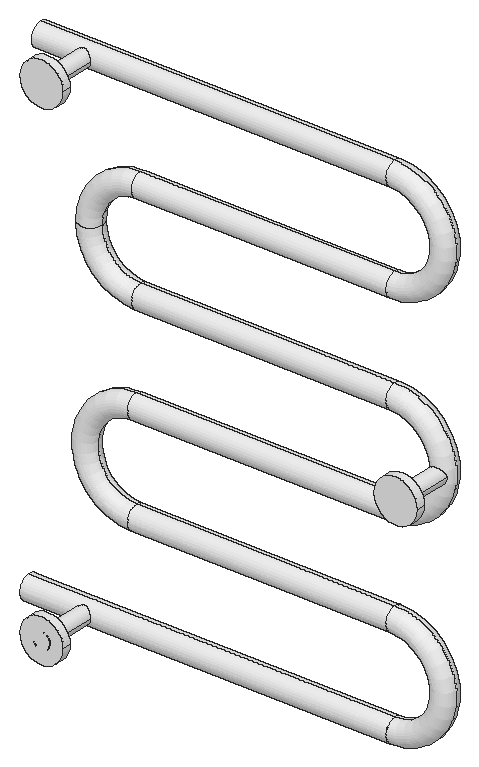
Revit family "EN 600", category Generic Models, host Wall, Revit 2017
Family settings
  Host = Wall
  Can host rebar = No
  Round Connector Dimension = Use Diameter
  Part Type = Normal
  Always vertical = Yes
  Cut with Voids When Loaded = No
  Shared = No
  Room Calculation Point = No
Parameters
  URL = "www.sentakia.com"
  Teho = "115 W"
  Sentakia_Material_Default [instance] = Stainless Steel, Polished_sentakia
  RAL-väri [instance] = no
  RAL-koodi [instance] = ""
  Model = "EN 600"
  Materiaali = "haponkestävä RST (AISI 316)"
  Manufacturer = "Sentakia Oy"
  Leveys = 426 mm  # constant formula
  LVI = "5489841"
  Keynote = "6120"
  Height = 600 mm  # constant formula
  EAN = "4770046005081"
  Depth = 88 mm  # constant formula
  Assembly Code = ""
Reference planes
  plane 1 "Wall": y = 0
  plane 2 "Center (Left/Right)": x = 125
  plane 3 "Back": y = 75
  plane 4 "Outer": y = 163
  plane 5: y = 135
  plane 6 "Connector lower": z = 1200
  plane 7 "Connector upper": z = 1800
  plane 8: z = 1210
  plane 9: z = 1190
  plane 10 "r": x = 338
  plane 11 "l": x = -88
  plane 12 "Pipe": y = 149
  plane 13 "Tikas1": z = 1320
  plane 14: z = 1560
  plane 15: z = 1440
  plane 16: z = 1680
  plane 17: x = -162
  plane 18 "Handler middle": z = 1500
  plane 19: y = 85
  plane 20: x = -148
Forms (mm)
  Extrusion 1, solid, material "Stainless Steel, Polished_sentakia" <- "Sentakia_Material_Default", detail levels medium+fine
    sketch origin (0, 0, 0) x (1, 0, 0) y (0, 0, 1)
      loop
        circle (-88, 1200) r 10
    from -149 to -75
  Extrusion 2, solid, material "Stainless Steel, Polished_sentakia" <- "Sentakia_Material_Default", detail levels medium+fine
    sketch origin (0, 0, 310) x (1, 0, 0) y (0, 0, 1)
      loop
        circle (-88, 1490) r 10
    from -149 to -75
  Extrusion 3, solid, material "Stainless Steel, Polished_sentakia" <- "Sentakia_Material_Default", detail levels coarse
    sketch origin (125, 0, 0) x (0, 1, 0) y (0, 0, 1)
      loop
        line (163, 1800) -> (75, 1800) -> (75, 1200) -> (163, 1200) -> (163, 1800)
    from -287 to 213
  Sweep 4, solid, material "Stainless Steel, Polished_sentakia" <- "Sentakia_Material_Default", detail levels medium+fine
    path origin (0, 163, 0) x (0, 0, 1) y (-1, 0, 0)
      loop
        line (1800, 148) -> (1800, -278)
        arc (1800, -278) -> (1740, -338) -> (1680, -278) r 60
        line (1680, -278) -> (1680, 28)
        arc (1680, 28) -> (1662.426, 70.426) -> (1620, 88) r 60
        arc (1620, 88) -> (1577.574, 70.426) -> (1560, 28) r 60
        line (1560, 28) -> (1560, -278)
        arc (1560, -278) -> (1500, -338) -> (1440, -278) r 60
        line (1440, -278) -> (1440, 33.02)
        arc (1440, 33.02) -> (1380, 93.02) -> (1320, 33.02) r 60
        line (1320, 33.02) -> (1320, -278)
        arc (1320, -278) -> (1260, -338) -> (1200, -278) r 60
        line (1200, -278) -> (1200, 162)
    profile origin (65, 163, 1800) x (0, 0, 1) y (0, -1, 0)
      loop
        circle (0, 14) r 13.953
  Extrusion 5, solid, material "Stainless Steel, Polished_sentakia" <- "Sentakia_Material_Default", detail levels medium+fine
    sketch origin (0, 0, 0) x (1, 0, 0) y (0, 0, 1)
      loop
        circle (338, 1500) r 10
    from -149 to -75
  Extrusion 6, solid, material "Stainless Steel, Polished_sentakia" <- "Sentakia_Material_Default", detail levels medium+fine
    sketch origin (0, 0, 0) x (1, 0, 0) y (0, 0, 1)
      loop
        circle (338, 1500) r 26
    from -85 to -75
  Extrusion 7, solid, material "Stainless Steel, Polished_sentakia" <- "Sentakia_Material_Default", detail levels medium+fine
    sketch origin (0, 0, 0) x (1, 0, 0) y (0, 0, 1)
      loop
        circle (-88, 1800) r 26
    from -85 to -75
  Extrusion 8, solid, material "Stainless Steel, Polished_sentakia" <- "Sentakia_Material_Default", detail levels medium+fine
    sketch origin (-426, 0, -300) x (1, 0, 0) y (0, 0, 1)
      loop
        circle (338, 1500) r 26
    from -85 to -75
Cuts and joins
  joined: Extrusion 1, Extrusion 2, Sweep 4, Extrusion 5, Extrusion 6, Extrusion 7
Lines and regions (mm)
  symbolic lines, detail levels coarse
    curve 1: line (-162, 75, 0) -> (338, 75, 0)
    curve 2: line (-162, 163, 0) -> (-162, 75, 0)
    curve 3: line (338, 163, 0) -> (-162, 163, 0)
    curve 4: line (338, 75, 0) -> (338, 163, 0)
  symbolic lines, detail levels medium+fine
    curve 5: line (-114.221, 75, 0) -> (-62, 75, 0)
    curve 6: line (-114.221, 85, 0) -> (-114.221, 75, 0)
    curve 7: line (-62, 85, 0) -> (-114.221, 85, 0)
    curve 8: line (-62, 75, 0) -> (-62, 85, 0)
    curve 9: line (364, 85, 0) -> (312.065, 85, 0)
    curve 10: line (364, 75, 0) -> (364, 85, 0)
    curve 11: line (312.065, 75, 0) -> (364, 75, 0)
    curve 12: line (312.065, 85, 0) -> (312.065, 75, 0)
    curve 13: line (-98.221, 85, 0) -> (-98.221, 135, 0)
    curve 14: line (-77.779, 85, 0) -> (-77.779, 135, 0)
    curve 15: line (348.339, 85, 0) -> (348.339, 139.56, 0)
    curve 16: line (327.897, 85, 0) -> (327.897, 135, 0)
    curve 17: line (-162, 163, 0) -> (338, 163, 0)
    curve 18: line (-162, 135, 0) -> (-162, 163, 0)
    curve 19: line (338, 135, 0) -> (-162, 135, 0)
    curve 20: arc (338, 163, 0) -> (352, 149, 0) -> (338, 135, 0) r 14
Text (mm)
  text "Placement Side" at (-1848.837, 1116.779, 0), in view "Ref. Level"
  text "Placement side" at (0, 1409.804, 2854.306), in view "Left"
  text "Placement side" at (0, 499.811, 2980.732), in view "Right"
Dimensions and locks
  locked: plane 3 "Back" to host wall
  "Depth": plane 4 "Outer" to host wall
  locked: plane 4 "Outer" to plane 5 at 28
  "Leveys": plane 11 "l" to plane 10 "r"
  plane 7 "Connector upper" to level = 1800 mm
  plane 7 "Connector upper" to plane 6 "Connector lower" = 600 mm
  equal spacing: plane 11 "l", plane 2 "Center (Left/Right)", plane 10 "r"
  "Height": plane 6 "Connector lower" to plane 7 "Connector upper"
  equal spacing: plane 6 "Connector lower", plane 13 "Tikas1", plane 15, plane 14, plane 16, plane 7 "Connector upper"
  plane 6 "Connector lower" to plane 7 "Connector upper" = 600 mm
  level to plane 7 "Connector upper" = 1800 mm
  plane 8 to plane 6 "Connector lower" to plane 9 = 10 mm, 10 mm
  plane 17 to plane 10 "r" = 500 mm
  equal spacing: plane 15, plane 18 "Handler middle", plane 14
  locked: host wall to plane 12 "Pipe" at 74
  locked: Extrusion 3 to plane 19 at 10
  locked: plane 20 to plane 11 "l" at 60
  aligned and locked: plane 1 "Wall" to host wall
  aligned and locked: Extrusion 1 to host wall
  aligned and locked: Extrusion 2 to host wall
  aligned and locked: plane 11 "l" to Extrusion 2 sketch curve
  aligned and locked: Extrusion 3 to plane 10 "r"
  aligned and locked: Extrusion 3 to host wall
  aligned and locked: plane 7 "Connector upper" to Extrusion 3
  aligned and locked: Extrusion 3 to plane 6 "Connector lower"
  aligned and locked: plane 17 to Extrusion 3
  aligned and locked: plane 3 "Back" to Extrusion 1
  aligned and locked: Extrusion 5 to host wall
  aligned and locked: Extrusion 6 to host wall
  aligned and locked: Extrusion 1 to plane 12 "Pipe"
  aligned and locked: plane 3 "Back" to Extrusion 5
  aligned and locked: plane 3 "Back" to Extrusion 2
  aligned and locked: plane 3 "Back" to Extrusion 6
  aligned and locked: plane 12 "Pipe" to Sweep 4 sketch curve
  aligned and locked: Extrusion 2 to plane 12 "Pipe"
  aligned and locked: Extrusion 6 to plane 19
  aligned and locked: Extrusion 7 to plane 19
  aligned and locked: Extrusion 7 to host wall
  aligned and locked: Extrusion 5 to plane 12 "Pipe"
  aligned and locked: plane 20 to Sweep 4 sketch curve
  aligned and locked: curve 1 to Extrusion 3
  aligned and locked: curve 2 to Extrusion 3
  aligned and locked: Extrusion 3 to curve 3
  aligned and locked: curve 4 to Extrusion 3
  aligned and locked: plane 3 "Back" to Extrusion 8
  aligned and locked: plane 3 "Back" to cut or joined group of Extrusion 1, Extrusion 2, Sweep 4, Extrusion 5, Extrusion 6, Extrusion 7  (x3)
  aligned and locked: curve 7 to cut or joined group of Extrusion 1, Extrusion 2, Sweep 4, Extrusion 5, Extrusion 6, Extrusion 7
  aligned and locked: curve 9 to cut or joined group of Extrusion 1, Extrusion 2, Sweep 4, Extrusion 5, Extrusion 6, Extrusion 7
  aligned and locked: curve 1 to curve 11
  aligned and locked: plane 6 "Connector lower" to Extrusion 8 sketch curve
  aligned and locked: plane 11 "l" to Extrusion 8 sketch curve
  aligned and locked: Extrusion 8 to plane 19
Automatic sketch dimensions
  Extrusion 1 sketch curve to plane 6 "Connector lower" = 0 mm
  plane 11 "l" to Extrusion 1 sketch curve = 0 mm
  Extrusion 2 sketch curve to plane 7 "Connector upper" = 0 mm
  Extrusion 3 sketch curve to host wall = 0 mm
  Extrusion 3 sketch curve to plane 4 "Outer" = 0 mm
  Extrusion 3 sketch curve to plane 6 "Connector lower" = 0 mm
  Extrusion 3 sketch curve to plane 7 "Connector upper" = 0 mm
  Sweep 4 sketch curve to Sweep 4 sketch curve = 0 mm  (x2)
  Sweep 4 sketch curve to plane 6 "Connector lower" = 0 mm
  Sweep 4 sketch curve to plane 13 "Tikas1" = 0 mm
  Sweep 4 sketch curve to plane 15 = 0 mm
  Sweep 4 sketch curve to plane 18 "Handler middle" = 0 mm
  plane 11 "l" to Sweep 4 sketch curve = 0 mm  (x2)
  Sweep 4 sketch curve to plane 16 = 0 mm
  Sweep 4 sketch curve to plane 7 "Connector upper" = 0 mm
  plane 17 to Sweep 4 sketch curve = 0 mm
  plane 10 "r" to Sweep 4 sketch curve = 60 mm  (x3)
  Sweep 4 sketch curve to plane 11 "l" = 54.98 mm
  profile plane to Sweep 4 sketch curve = 0 mm
  plane 10 "r" to Extrusion 5 sketch curve = 0 mm
  Extrusion 5 sketch curve to plane 18 "Handler middle" = 0 mm
  plane 10 "r" to Extrusion 6 sketch curve = 0 mm
  Extrusion 6 sketch curve to plane 18 "Handler middle" = 0 mm
  Extrusion 7 sketch curve to plane 7 "Connector upper" = 0 mm
  plane 11 "l" to Extrusion 7 sketch curve = 0 mm
  curve 5 to host wall = 0 mm
  plane 5 to curve 13 = 0 mm
  curve 15 to plane 5 = 4.56 mm
  plane 11 "l" to curve 5 = 26.221 mm
  curve 8 to plane 11 "l" = 26 mm
  plane 10 "r" to curve 11 = 25.935 mm
  curve 10 to plane 10 "r" = 26 mm
  plane 11 "l" to curve 13 = 10.221 mm
  curve 14 to plane 11 "l" = 10.221 mm
  curve 16 to curve 20 = 10.103 mm
  radius of Extrusion 1 sketch curve = 10 mm
  radius of Extrusion 2 sketch curve = 10 mm
  radius of Sweep 4 sketch curve = 13.953 mm
  radius of Extrusion 5 sketch curve = 10 mm
  radius of Extrusion 6 sketch curve = 26 mm
  radius of Extrusion 7 sketch curve = 26 mm
  radius of Extrusion 8 sketch curve = 26 mm
Connectors
  piping at (-88, 75, 1200), diameter 12
    settings: on Extrusion 1, index 3, connector inside diameter 609.6 mm, connector length 0 mm, flow factor 0, pipe flow 0.0 L/s, pressure drop 0.0 Pa, fitting loss kfactor 0, connector angle 0.00°, fixture units 0, engagement length 0 mm, angle of deflection 0.00°, flow configuration 0, flow direction 0, fitting loss method 0, system type 22, joint type 0, gender type 0, connector reference index -1, connector utility 0, adjustable connector no, is connector primary yes, connector description ""
  piping at (-88, 75, 1200), diameter 12
    settings: on Extrusion 1, index 4, connector inside diameter 609.6 mm, connector length 0 mm, flow factor 0, pipe flow 0.0 L/s, pressure drop 0.0 Pa, fitting loss kfactor 0, connector angle 0.00°, fixture units 0, engagement length 0 mm, angle of deflection 0.00°, flow configuration 0, flow direction 0, fitting loss method 0, system type 22, joint type 0, gender type 0, connector reference index -1, connector utility 0, adjustable connector no, is connector primary no, connector description ""
  piping at (-88, 75, 1200), diameter 12
    settings: on Extrusion 1, index 5, connector inside diameter 609.6 mm, connector length 0 mm, flow factor 0, pipe flow 0.0 L/s, pressure drop 0.0 Pa, fitting loss kfactor 0, connector angle 0.00°, fixture units 0, engagement length 0 mm, angle of deflection 0.00°, flow configuration 0, flow direction 0, fitting loss method 0, system type 22, joint type 0, gender type 0, connector reference index -1, connector utility 0, adjustable connector no, is connector primary no, connector description ""
  piping at (-88, 75, 1200), diameter 12
    settings: on Extrusion 1, index 6, connector inside diameter 609.6 mm, connector length 0 mm, flow factor 0, pipe flow 0.0 L/s, pressure drop 0.0 Pa, fitting loss kfactor 0, connector angle 0.00°, fixture units 0, engagement length 0 mm, angle of deflection 0.00°, flow configuration 0, flow direction 0, fitting loss method 0, system type 22, joint type 0, gender type 0, connector reference index -1, connector utility 0, adjustable connector no, is connector primary no, connector description ""
  piping at (-88, 75, 1200), diameter 12
    settings: on Extrusion 1, index 7, connector inside diameter 609.6 mm, connector length 0 mm, flow factor 0, pipe flow 0.0 L/s, pressure drop 0.0 Pa, fitting loss kfactor 0, connector angle 0.00°, fixture units 0, engagement length 0 mm, angle of deflection 0.00°, flow configuration 0, flow direction 0, fitting loss method 0, system type 22, joint type 0, gender type 0, connector reference index -1, connector utility 0, adjustable connector no, is connector primary no, connector description ""
  piping at (-88, 75, 1800), diameter 12
    settings: on Extrusion 2, index 8, connector inside diameter 609.6 mm, connector length 0 mm, flow factor 0, pipe flow 0.0 L/s, pressure drop 0.0 Pa, fitting loss kfactor 0, connector angle 0.00°, fixture units 0, engagement length 0 mm, angle of deflection 0.00°, flow configuration 0, flow direction 0, fitting loss method 0, system type 22, joint type 0, gender type 0, connector reference index -1, connector utility 0, adjustable connector no, is connector primary no, connector description ""
